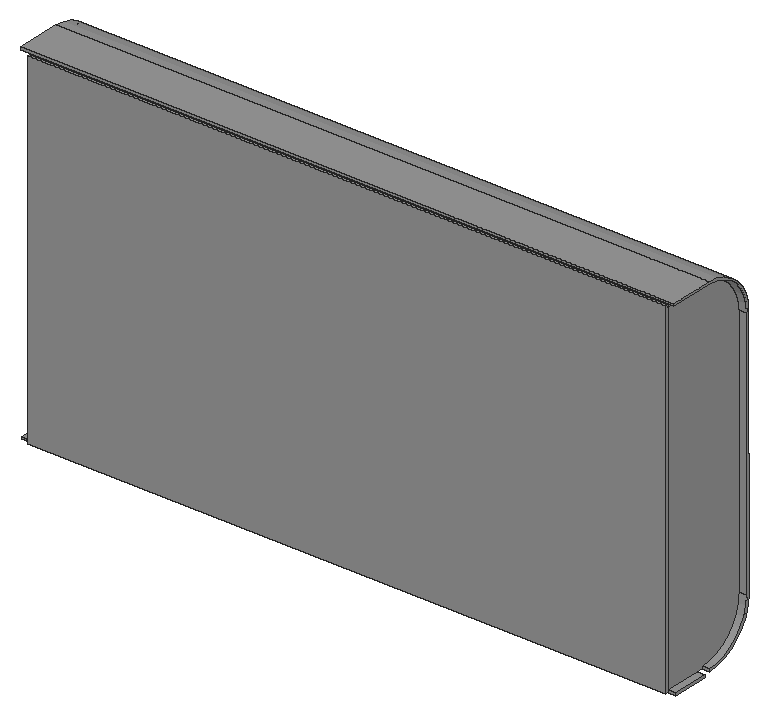
Revit family "3255 Björk_Baby change unit paper dispenser", category Furniture Systems, host Wall, Revit 2018
Family settings
  Host = Wall
  Round Connector Dimension = Use Diameter
  Part Type = Normal
  Always vertical = Yes
  Cut with Voids When Loaded = No
  Shared = No
  Room Calculation Point = No
Parameters (values of type "WHITE")
  URL = "http://www.dandryer.com/en-gb/products/product-line-%E2%80%93-bjork"
  Surface Front = BLACK
  Surface Back = BLACK
  Model = "Baby change unit paper dispenser"
  Manufacturer = "Dan Dryer A/S"
  Description = "Baby change unit paper dispenser"
Reference planes
  plane 1 "Wall": y = 0
  plane 2 "Center (Left/Right)": x = 125
  plane 3 "Back": y = 75
Text (mm)
  text "Placement Side" at (-1848.837, 1116.779, 0), in view "Ref. Level"
  text "Placement side" at (0, 1409.804, 2854.306), in view "Left"
  text "Placement side" at (0, 499.811, 2980.732), in view "Right"
Dimensions and locks
  locked: plane 3 "Back" to host wall
  aligned and locked: plane 1 "Wall" to host wall
  aligned and locked: nested 1 to plane 3 "Back"
Nested families
  nested 1: "Master 3250 Baby change unit paper dispenser" at (125, 75, 1200) x (-1, 0, 0) z (0, 0, 1), type "Master 3250 Baby change unit paper dispenser"
Definition of nested family "Master 3250 Baby change unit paper dispenser"
  Parameters (values of type "Master 3250 Baby change unit paper dispenser")
    Surface Front = none
    Surface Back = none
    Model = "Björk Baby change unit dispenser - 3250"
    Manufacturer = "Dan Dryer"
    Description = "Baby change unit dispenser"
    Cost = 0
  Reference planes
    plane 1 "Center (Front/Back)": y = 0
    plane 2: z = 0
    plane 3 "Center (Left/Right)": x = 0
  Dimensions and locks
    aligned and locked: level to plane 2
    aligned and locked: level to nested 2
    aligned and locked: level to nested 1
    aligned and locked: plane 3 "Center (Left/Right)" to nested 2
    aligned and locked: nested 2 to nested 1
    aligned and locked: plane 1 "Center (Front/Back)" to nested 1
    aligned and locked: nested 2 to plane 1 "Center (Front/Back)"
  Nested families
    nested 1: "Bagplade Komponent" at (0, 0, -1.5), type "Bagplade Komponent"
    nested 2: "Forplade Komponent lukket" at (0, -13.483, 0), type "Forplade Komponent lukket"
  Definition of nested family "Bagplade Komponent"
    Parameters (values of type "Bagplade Komponent")
      Surface Back = none
      Materiale = none
    Reference planes
      plane 1 "Center (Front/Back)": y = 0
      plane 2: z = 0
      plane 3 "Center (Left/Right)": x = 0
    Forms (mm)
      Extrusion 1, solid, material <- "Surface Back"
        sketch origin (0, 0, 79) x (1, 0, 0) y (0, 0, 1)
          loop
            line (-200, -79) -> (200, -79) -> (200, 139) -> (-200, 139) -> (-200, -79)
        from 0 to 1.5
      Extrusion 2, solid, material <- "Surface Back"
        sketch origin (-200, 0, 188) x (0, 0, -1) y (0, -1, 0)
          loop
            line (186.5, 1.5) -> (186.5, 28)
            arc (186.5, 28) -> (178.006, 48.506) -> (157.5, 57) r 29
            line (157.5, 57) -> (-1, 57)
            arc (-1, 57) -> (-21.506, 48.506) -> (-30, 28) r 29
            line (-30, 28) -> (-30, 13.5) -> (-28.5, 13.5) -> (-28.5, 1.5) -> (186.5, 1.5)
        from 0 to -1.5
      Extrusion 3, solid, material <- "Surface Back"
        sketch origin (198.5, 0, 188) x (0, 0, -1) y (0, -1, 0)
          loop
            line (186.5, 1.5) -> (186.5, 28)
            arc (186.5, 28) -> (178.006, 48.506) -> (157.5, 57) r 29
            line (157.5, 57) -> (-1, 57)
            arc (-1, 57) -> (-21.506, 48.506) -> (-30, 28) r 29
            line (-30, 28) -> (-30, 13.5) -> (-28.5, 13.5) -> (-28.5, 1.5) -> (186.5, 1.5)
        from 0 to -1.5
      Extrusion 4, solid, material <- "Surface Back"
        sketch origin (200, 0, 218) x (-1, 0, 0) y (0, -1, 0)
          loop
            line (400, 1.5) -> (400, 13.5) -> (0, 13.5) -> (0, 1.5) -> (400, 1.5)
        from 0 to -1.5
      Extrusion 5, solid, material <- "Surface Back"
        sketch origin (-200, 0, 0) x (0, -1, 0) y (-1, 0, 0)
          loop
            line (1.5, 5) -> (1.5, -32) -> (24.5, -32) -> (24.5, 5) -> (1.5, 5)
        from 0 to -1.5
      Extrusion 6, solid, material <- "Surface Back"
        sketch origin (200, 0, 0) x (0, 1, 0) y (1, 0, 0)
          loop
            line (-1.5, 5) -> (-24.5, 5) -> (-24.5, -32) -> (-1.5, -32) -> (-1.5, 5)
        from 0 to -1.5
      Extrusion 7, solid, material <- "Surface Back"
        sketch origin (-200, 0, 0) x (0, -1, 0) y (-1, 0, 0)
          loop
            line (1.5, -61) -> (1.5, -339) -> (8.5, -339) -> (8.5, -61) -> (1.5, -61)
        from 0 to -1.5
    Dimensions and locks
      aligned and locked: level to plane 2
  Definition of nested family "Forplade Komponent lukket"
    Parameters (values of type "Forplade Komponent lukket")
      Surface Front = none
    Reference planes
      plane 1 "Center (Front/Back)": y = 0
      plane 2: z = 0
      plane 3 "Center (Left/Right)": x = 0
    Forms (mm)
      Extrusion 1, solid, material <- "Surface Front"
        sketch origin (0, 0, 79.75) x (0, 1, 0) y (0, 0, 1)
          loop
            arc (-14.5, -78.25) -> (-35.006, -69.756) -> (-43.5, -49.25) r 29
            line (-43.5, -49.25) -> (-43.5, 109.25)
            arc (-43.5, 109.25) -> (-35.006, 129.756) -> (-14.5, 138.25) r 29
            line (-14.5, 138.25) -> (13.483, 138.25) -> (13.483, 139.75) -> (-14.5, 139.75)
            arc (-14.5, 139.75) -> (-36.067, 130.817) -> (-45, 109.25) r 30.5
            line (-45, 109.25) -> (-45, -49.25)
            arc (-45, -49.25) -> (-36.067, -70.817) -> (-14.5, -79.75) r 30.5
            line (-14.5, -79.75) -> (-14.5, -78.25)
        from -205 to 205
      Extrusion 2, void
        sketch origin (0, 0, 79.75) x (1, 0, 0) y (0, 0, 1)
          loop
            line (-165, -8.116) -> (164.987, -8.116)
            arc (164.987, -8.116) -> (174.987, 1.884) -> (164.987, 11.884) r 10
            line (164.987, 11.884) -> (-165, 11.884)
            arc (-165, 11.884) -> (-175, 1.884) -> (-165, -8.116) r 10
        from 31.755 to 69.02
      Extrusion 3, solid
        sketch origin (0, -45, -42) x (0, 0, 1) y (-1, 0, 0)
          loop
            circle (214.218, 0) r 15
        from 0 to 20
    Cuts and joins
      Extrusion 2 cuts Extrusion 1
    Lines and regions (mm)
      model lines
        curve 1: line (0, -11, -58.5) -> (0, -11, -60)
    Dimensions and locks
      aligned and locked: level to plane 2
